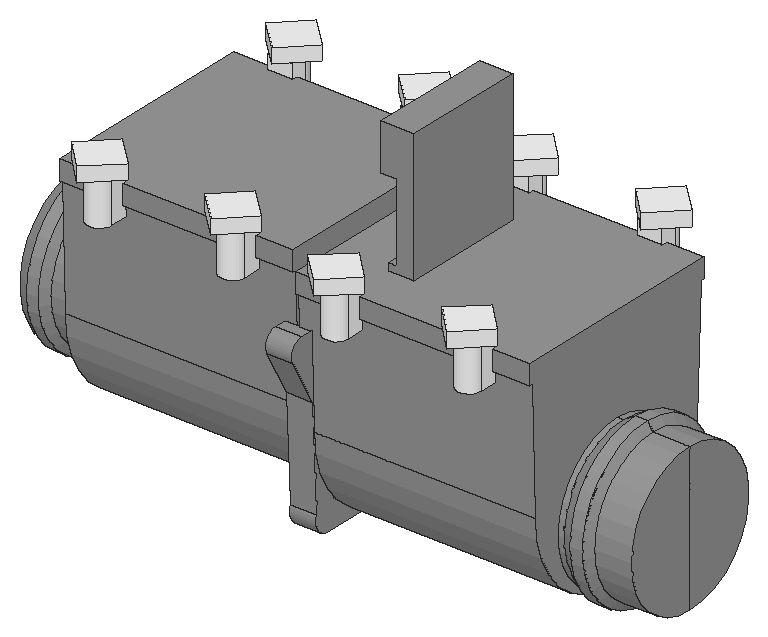
Revit family "HL_RU_Anti-flooding valve_HL710.2-A-171212", category Příslušenství trubek, Revit 2021
Family settings
  Kóta kulaté spojky = Použít průměr
  Typ dílu = Normální
  Číslo OmniClass = 23.65.55.14.21
  Nadpis OmniClass = Non-Return Valves for Liquid Services
  Založené na pracovní rovině = Ne
  Vždy vertikální = Ano
  Ořezat dutým tvarem při načtení = Ne
  Sdílené = Ne
Parameters
  РАЗМЕР = "DN110"
  ПРОПУСКНАЯ СПОСОБНОСТЬ [instance] = 0.0 m³/h
  ПРАВОВАЯ ИНФОРМАЦИЯ = "\"Copyright (©), design rights or any other intellectual property rights, shall be the exclusive property of HL Hutterer & Lechner GmbH. Modification is not allowed. Family has been watermarked.\""
  ПАДЕНИЕ ДАВЛЕНИЯ [instance] = 0.0 Pa
  НОМИНАЛЬНЫЙ ДИАМЕТР 2 = 110 mm
  НОМИНАЛЬНЫЙ ДИАМЕТР = 110 mm
  МАТЕРИАЛ = "ABS"
  ВЫСОТА МОНТАЖА = "320 mm"
  ВЕС = "3,23 kg"
  Výrobce = "HL Hutterer & Lechner GmbH"
  Výchozí výška = 0 mm
  URL = "http://www.hutterer-lechner.com/en/products/catalog/roof-drains/HL710.2.aspx"
  Description = "Anti flood valves"
  Model = "HL710.2"
  Type Comments = "anti-flood valve DN110 with 2 stainless steel flaps and manual blocking"
  Keynote = "HL710.2"
  EAN = "9003076971022"
  Cena = 0
Types (2, lengths in mm): name | ПРАВОВАЯ ИНФОРМАЦИЯ | URL | Description | Type Comments
  (no name) | "\"Copyright (©), design rights or any other intellectual property rights, shall be the exclusive property of HL Hutterer & Lechner GmbH. Modification is not allowed. Family has been watermarked.\"" | "http://www.hutterer-lechner.com/en/products/catalog/roof-drains/HL710.2.aspx" | "Anti flood valves" | "anti-flood valve DN110 with 2 stainless steel flaps and manual blocking"
  HL_Механический канализационный затвор_HL710.2 | "\"Авторские права(©), права на дизайн или какие либо другие права интелектуальной собственности являются исключительной собственностью компании HL Hutterer & Lechner. Изменению не подлежит. Файл семейства с данными о прозводителе изделия защищен паролем с водяным знаком.\"" | "http://www.hutterer-lechner.com/ru/products/catalog/roof-drains/HL710.2.aspx" | "Механический канализационный затвор" | "Механический канализационный затвор DN110 с 2 заслонками из нержавеющей стали и ручным затвором."
Reference planes
  plane 1 "Střed (vpředu/vzadu)": y = 0
  plane 2: z = 0
  plane 3 "Střed (vlevo/vpravo)": x = 0
Forms (mm)
  Sweep 1, solid, material "Plastic - Orange", detail levels fine
    path origin (291.79, -0.031, 108.14) x (1, 0, 0) y (0, 1, 0)
      loop
        line (94.75, 0) -> (-94.75, 0)
    profile origin (291.79, -0.031, 108.14) x (0, -1, 0) y (0, 0, 1)
      loop
        line (0, 0) -> (-88.191, 0) -> (-88.191, -16) -> (-85.007, -16) -> (-81.517, -115.939)
        arc (-81.517, -115.939) -> (-58.546, -174.931) -> (0, -199.017) r 80.412
        arc (0, -199.017) -> (58.546, -174.931) -> (81.517, -115.939) r 80.412
        line (81.517, -115.939) -> (85.007, -16) -> (88.191, -16) -> (88.191, 0) -> (0, 0)
  Extrusion 2, solid, material "Plactic - White", detail levels fine
    sketch origin (291.79, -0.031, 108.14) x (1, 0, 0) y (0, 1, 0)
      loop
        line (54, -121.127) -> (76.627, -98.5) -> (54, -75.873) -> (31.373, -98.5) -> (54, -121.127)
    from 11.235 to 23.235
  Extrusion 3, solid, material "Plactic - White", detail levels fine
    sketch origin (291.79, -0.031, 119.375) x (0, 1, 0) y (1, 0, 0)
      loop
        arc (-98.5, 64) -> (-108.5, 54) -> (-98.5, 44) r 10
        line (-98.5, 44) -> (-84.694, 44) -> (-84.694, 64) -> (-98.5, 64)
    from 0 to 37.235
  Extrusion 4, solid, material "Plactic - White", detail levels fine
    sketch origin (183.79, -0.031, 108.14) x (1, 0, 0) y (0, 1, 0)
      loop
        line (54, -121.127) -> (76.627, -98.5) -> (54, -75.873) -> (31.373, -98.5) -> (54, -121.127)
    from 11.235 to 23.235
  Extrusion 5, solid, material "Plactic - White", detail levels fine
    sketch origin (183.79, -0.031, 119.375) x (0, 1, 0) y (1, 0, 0)
      loop
        arc (-98.5, 64) -> (-108.5, 54) -> (-98.5, 44) r 10
        line (-98.5, 44) -> (-84.694, 44) -> (-84.694, 64) -> (-98.5, 64)
    from 0 to 37.235
  Extrusion 6, solid, material "Plactic - White", detail levels fine
    sketch origin (291.79, -0.031, 108.14) x (1, 0, 0) y (0, 1, 0)
      loop
        line (54, 121.127) -> (31.373, 98.5) -> (54, 75.873) -> (76.627, 98.5) -> (54, 121.127)
    from 11.235 to 23.235
  Extrusion 7, solid, material "Plactic - White", detail levels fine
    sketch origin (291.79, -0.031, 119.375) x (0, -1, 0) y (1, 0, 0)
      loop
        arc (-98.5, 64) -> (-108.5, 54) -> (-98.5, 44) r 10
        line (-98.5, 44) -> (-84.694, 44) -> (-84.694, 64) -> (-98.5, 64)
    from 0 to 37.235
  Extrusion 8, solid, material "Plactic - White", detail levels fine
    sketch origin (183.79, -0.031, 108.14) x (1, 0, 0) y (0, 1, 0)
      loop
        line (54, 121.127) -> (31.373, 98.5) -> (54, 75.873) -> (76.627, 98.5) -> (54, 121.127)
    from 11.235 to 23.235
  Extrusion 9, solid, material "Plactic - White", detail levels fine
    sketch origin (183.79, -0.031, 119.375) x (0, 1, 0) y (1, 0, 0)
      loop
        line (98.5, 64) -> (84.694, 64) -> (84.694, 44) -> (98.5, 44)
        arc (98.5, 44) -> (108.5, 54) -> (98.5, 64) r 10
    from 0 to 37.235
  Sweep 10, solid, material "Plastic - Orange", not visible, detail levels fine
    path origin (291.79, -0.031, 108.14) x (1, 0, 0) y (0, 0, 1)
      loop
        line (154.383, -137.5) -> (94.75, -137.5)
    profile origin (416.356, -0.031, -29.36) x (0, 0, -1) y (0, -1, 0)
      loop
        circle (0, 0) r 55
  Extrusion 11, solid, material "Plastic - Red", detail levels fine
    sketch origin (294.392, 0, 108.14) x (1, 0, 0) y (0, 0, 1)
      loop
        line (-32.383, 106.5) -> (-58.883, 106.5) -> (-58.883, 69) -> (-46.383, 69) -> (-46.383, 5.902) -> (-52.472, 5.902) -> (-52.472, 0) -> (-32.383, 0) -> (-32.383, 106.5)
    from -50 to 50
  Sweep 12, solid, material "Plastic - Orange", detail levels fine
    path origin (99.75, -0.031, 123.14) x (1, 0, 0) y (0, 1, 0)
      loop
        line (94.75, 0) -> (-94.75, 0)
    profile origin (99.75, -0.031, 123.14) x (0, -1, 0) y (0, 0, 1)
      loop
        line (0, 0) -> (-88.191, 0) -> (-88.191, -16) -> (-85.007, -16) -> (-81.517, -115.939)
        arc (-81.517, -115.939) -> (-58.546, -174.931) -> (0, -199.017) r 80.412
        arc (0, -199.017) -> (58.546, -174.931) -> (81.517, -115.939) r 80.412
        line (81.517, -115.939) -> (85.007, -16) -> (88.191, -16) -> (88.191, 0) -> (0, 0)
  Extrusion 13, solid, material "Plactic - White", detail levels fine
    sketch origin (99.75, -0.031, 123.14) x (1, 0, 0) y (0, 1, 0)
      loop
        line (54, -121.127) -> (76.627, -98.5) -> (54, -75.873) -> (31.373, -98.5) -> (54, -121.127)
    from 11.235 to 23.235
  Extrusion 14, solid, material "Plactic - White", detail levels fine
    sketch origin (99.75, -0.031, 134.375) x (0, 1, 0) y (1, 0, 0)
      loop
        arc (-98.5, 64) -> (-108.5, 54) -> (-98.5, 44) r 10
        line (-98.5, 44) -> (-84.694, 44) -> (-84.694, 64) -> (-98.5, 64)
    from 0 to 37.235
  Extrusion 15, solid, material "Plactic - White", detail levels fine
    sketch origin (-8.25, -0.031, 123.14) x (1, 0, 0) y (0, 1, 0)
      loop
        line (54, -121.127) -> (76.627, -98.5) -> (54, -75.873) -> (31.373, -98.5) -> (54, -121.127)
    from 11.235 to 23.235
  Extrusion 16, solid, material "Plactic - White", detail levels fine
    sketch origin (-8.25, -0.031, 134.375) x (0, 1, 0) y (1, 0, 0)
      loop
        arc (-98.5, 64) -> (-108.5, 54) -> (-98.5, 44) r 10
        line (-98.5, 44) -> (-84.694, 44) -> (-84.694, 64) -> (-98.5, 64)
    from 0 to 37.235
  Extrusion 17, solid, material "Plactic - White", detail levels fine
    sketch origin (99.75, -0.031, 123.14) x (1, 0, 0) y (0, 1, 0)
      loop
        line (54, 121.127) -> (31.373, 98.5) -> (54, 75.873) -> (76.627, 98.5) -> (54, 121.127)
    from 11.235 to 23.235
  Extrusion 18, solid, material "Plactic - White", detail levels fine
    sketch origin (99.75, -0.031, 134.375) x (0, -1, 0) y (1, 0, 0)
      loop
        arc (-98.5, 64) -> (-108.5, 54) -> (-98.5, 44) r 10
        line (-98.5, 44) -> (-84.694, 44) -> (-84.694, 64) -> (-98.5, 64)
    from 0 to 37.235
  Extrusion 19, solid, material "Plactic - White", detail levels fine
    sketch origin (-8.25, -0.031, 123.14) x (1, 0, 0) y (0, 1, 0)
      loop
        line (54, 121.127) -> (31.373, 98.5) -> (54, 75.873) -> (76.627, 98.5) -> (54, 121.127)
    from 11.235 to 23.235
  Extrusion 20, solid, material "Plactic - White", detail levels fine
    sketch origin (-8.25, -0.031, 134.375) x (0, 1, 0) y (1, 0, 0)
      loop
        line (98.5, 64) -> (84.694, 64) -> (84.694, 44) -> (98.5, 44)
        arc (98.5, 44) -> (108.5, 54) -> (98.5, 64) r 10
    from 0 to 37.235
  Revolve 21, solid, material "Plastic - Orange", detail levels fine
    sketch origin (99.75, -0.031, 123.14) x (1, 0, 0) y (0, 0, 1)
      loop
        line (-149.117, -123.14) -> (-94.75, -123.14) -> (-94.75, -63.685) -> (-124.977, -63.685) -> (-129.134, -56.965) -> (-139.134, -56.965) -> (-149.117, -63.14) -> (-149.117, -123.14)
      axis (-94.75, -123.14) -> (-149.117, -123.14)
    angle from 0 to 360
  Extrusion 22, solid, material "Plastic - Orange", detail levels fine
    sketch origin (198.153, 0, 123.14) x (0, 1, 0) y (0, 0, 1)
      loop
        line (0, -56.5) -> (-93.75, -56.5)
        arc (-93.75, -56.5) -> (-102.843, -61.75) -> (-102.843, -72.25) r 10.5
        line (-102.843, -72.25) -> (-83.203, -108.667) -> (-78.818, -192.347)
        arc (-78.818, -192.347) -> (-77.775, -203.969) -> (-67.5, -209.5) r 12.31
        line (-67.5, -209.5) -> (0, -209.5) -> (67.5, -209.5)
        arc (67.5, -209.5) -> (77.775, -203.969) -> (78.818, -192.347) r 12.31
        line (78.818, -192.347) -> (83.203, -108.667) -> (102.843, -72.25)
        arc (102.843, -72.25) -> (102.843, -61.75) -> (93.75, -56.5) r 10.5
        line (93.75, -56.5) -> (0, -56.5)
    from -12.945 to 8.055
  Revolve 23, solid, material "Plastic - Orange", detail levels fine
    sketch origin (540.923, -0.031, 93.78) x (1, 0, 0) y (0, 0, 1)
      loop
        line (-154.383, -123.14) -> (-94.75, -123.14) -> (-94.75, -63.685) -> (-124.977, -63.685) -> (-129.134, -56.965) -> (-139.134, -56.965) -> (-149.117, -63.14) -> (-154.383, -63.14) -> (-154.383, -123.14)
      axis (-94.75, -123.14) -> (-154.383, -123.14)
    angle from 0 to 360
Lines and regions (mm)
  model lines, style "Symbol", detail levels coarse+medium
    curve 1: line (0, 0, 0) -> (446.173, 0, -30.247)
    curve 2: line (348.086, 0, -75.123) -> (348.086, 0, 44.877)
    curve 3: line (348.086, 0, 44.877) -> (98.086, 0, 44.877)
    curve 4: line (98.086, 0, -75.123) -> (98.086, 0, 44.877)
    curve 13: line (348.086, 0, -75.123) -> (98.086, 0, -75.123)
  symbolic lines, style "Symbol", detail levels coarse+medium
    curve 5: line (446.173, 0, 0) -> (0, 0, 0)
    curve 6: line (348.086, -60, 0) -> (348.086, 60, 0)
    curve 7: line (348.086, 60, 0) -> (98.086, 60, 0)
    curve 8: line (98.086, -60, 0) -> (98.086, 60, 0)
    curve 9: line (223.086, -105, 0) -> (223.086, 105, 0)
    curve 10: line (348.086, -60, 0) -> (98.086, -60, 0)
  model lines, detail levels coarse+medium
    curve 11: line (223.086, 0, -15.123) -> (223.086, 0, 89.877)
    curve 12: line (223.086, 0, -120.123) -> (223.086, 0, -15.123)
Dimensions and locks
  aligned and locked: level to plane 2
Connectors
  piping at (0, 0, 0), diameter 110, driven by "ПАДЕНИЕ ДАВЛЕНИЯ", driven by "НОМИНАЛЬНЫЙ ДИАМЕТР", driven by "ПРОПУСКНАЯ СПОСОБНОСТЬ"
    settings: on plane 3 "Střed (vlevo/vpravo)", index 1, connector inside diameter 609.6 mm, connector length 0 mm, flow factor 0, pipe flow 0.0 m³/h, pressure drop 0.0 Pa, fitting loss kfactor 0, connector angle 0.00°, fixture units 0, engagement length 0 mm, angle of deflection 0.00°, flow configuration 0, flow direction 0, fitting loss method 4, system type 16, joint type 0, gender type 0, connector reference index -1, connector utility 0, adjustable connector no, is connector primary yes, connector description ""
  piping at (446.173, -0.031, -29.36), diameter 110, driven by "НОМИНАЛЬНЫЙ ДИАМЕТР 2", driven by "ПРОПУСКНАЯ СПОСОБНОСТЬ"
    settings: on Sweep 10, index 2, connector inside diameter 609.6 mm, connector length 0 mm, flow factor 0, pipe flow 0.0 m³/h, pressure drop 0.0 Pa, fitting loss kfactor 0, connector angle 0.00°, fixture units 0, engagement length 0 mm, angle of deflection 0.00°, flow configuration 1, flow direction 2, fitting loss method 4, system type 16, joint type 0, gender type 0, connector reference index -1, connector utility 0, adjustable connector no, is connector primary no, connector description ""
